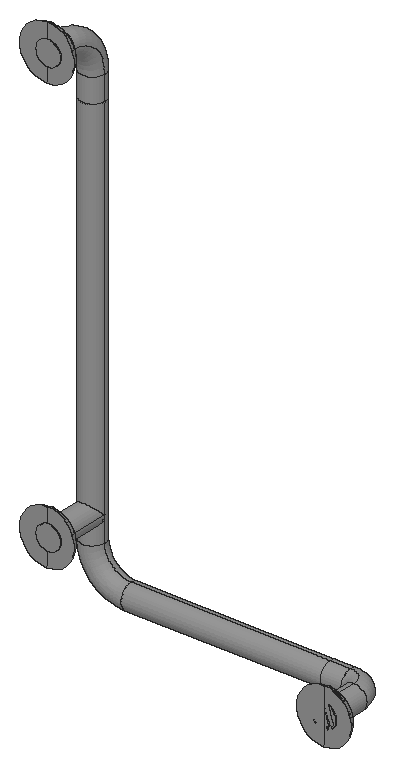
Revit family "706580001_Barra de Seguridad en L", category Plumbing Fixtures, host Wall, Revit 2020
Family settings
  Host = Wall
  Round Connector Dimension = Use Diameter
  Part Type = Normal
  OmniClass Number = 23.31.00.00
  OmniClass Title = Plumbing Specific Products and Equipment
  Always vertical = Yes
  Cut with Voids When Loaded = No
  Shared = No
  Room Calculation Point = No
Parameters (values of type "Type 1")
  Uso = "Doméstico e institucional"  # constant formula
  URL = "https://corona.co/productos/accesorios/barra-de-seguridad-en-l/p/706580001"
  Tipo de instalación = "Expuesto E.S."  # constant formula
  Sistema de Instalación = "Fácil instalación por medio de chazos\r\ny tornillos anclados a la pared que ofrecen gran seguridad."  # constant formula
  Resistencia = "Corrosión, pelado y decoloración por agua."  # constant formula
  Referencia = "706580001"  # constant formula
  Profundidad = 78.8 mm
  Model = ""
  Material = Corona_Acero inoxidable
  Manufacturer = ""
  Garantía = "1 Año"  # constant formula
  Fecha de creación = "8/04/2021"  # constant formula
  Escudo Metálico = "Material metálico, mayor durabilidad\r\ny excelentes propiedades mecánicas."  # constant formula
  Description = "Elemento de mobiliario para el apoyo, seguridad y protección\r\nde usuarios que acompaña la dirección de una circulación. "  # constant formula
  Type Comments = ""
  Default Elevation = 0 mm
  Cuidado Y Limpieza = "Para prolongar y preservar las cualidades del acero es vital que la limpieza profunda del producto se haga únicamente con agua y jabón suave y que en el secado y el brillo se utilice un paño de algodón limpio, dicha limpieza se recomienda 2 veces a la semana, y en zonas costeras a diario por la salinidad del ambiente. Por ningún motivo deben usarse elementos abrasivos, ácidos o disolventes para la limpieza del producto. (ácido muriático, ácido sulfúrico, yodo,\r\nderivados del cloro, amoniaco, blanqueadores.) Los acabados pueden variar su comportamiento en zonas costeras y/o en ambientes corrosivos. En referencias satinadas limpie en el sentido del pulido del acero."  # constant formula
  Creado por = "BIMBAU"  # constant formula
  Capacidad de Funcionamiento = "Soporta una carga hasta de 150 Kg."  # constant formula
  Ancho = 461 mm
  Alto = 710.2 mm
Reference planes
  plane 1 "Wall": y = 0
  plane 2 "Center (Left/Right)": x = 125
  plane 3 "Back": y = 75
  plane 4: x = -105.5
  plane 5: y = 153.8
  plane 6: z = 1194.397
  plane 7: z = 484.197
  plane 8: x = 355.5
  plane 9: x = 338.079
  plane 10: x = 303.079
Forms (mm)
  Sweep 1, solid, material "Corona_Acero inoxidable" <- "Material", detail levels medium+fine
    path origin (0, 153.8, 0) x (1, 0, 0) y (0, 0, 1)
      loop
        line (275.5, 484.197) -> (-9.561, 484.197)
        arc (-9.561, 484.197) -> (-48.452, 500.307) -> (-64.561, 539.197) r 55
        line (-64.561, 539.197) -> (-64.561, 1104.197)
    profile origin (132.969, 153.8, 484.197) x (0, 0, -1) y (0, -1, 0)
      loop
        circle (0, 0) r 17.5
  Sweep 2, solid, material "Corona_Acero inoxidable" <- "Material", detail levels medium+fine
    path origin (0, 0, 0) x (1, 0, 0) y (0, 1, 0)
      loop
        line (275.5, 153.8) -> (304.29, 153.8)
        arc (304.29, 153.8) -> (321.967, 146.478) -> (329.29, 128.8) r 25
        line (329.29, 128.8) -> (329.29, 75)
    profile origin (289.895, 153.8, 0) x (0, 1, 0) y (0, 0, 1)
      loop
        circle (0, 484.197) r 17.5
  Sweep 3, solid, material "Corona_Acero inoxidable" <- "Material", detail levels medium+fine
    path origin (125, 0, 0) x (0, 1, 0) y (0, 0, 1)
      loop
        line (153.8, 1104.197) -> (153.8, 1139.397)
        arc (153.8, 1139.397) -> (137.691, 1178.288) -> (98.8, 1194.397) r 55
        line (98.8, 1194.397) -> (75, 1194.397)
    profile origin (125, 153.8, 1121.797) x (0, -1, 0) y (1, 0, 0)
      loop
        circle (0, -189.561) r 17.5
  Extrusion 4, solid, material "Corona_Acero inoxidable" <- "Material", detail levels medium+fine
    sketch origin (0, 0, 0) x (1, 0, 0) y (0, 0, 1)
      loop
        circle (-64.561, 574.397) r 17.5
    from -153.8 to -75
  Revolve 5, solid, material "Corona_Acero inoxidable" <- "Material", detail levels medium+fine
    sketch origin (329.375, 0, 0) x (0, 1, 0) y (0, 0, 1)
      loop
        line (75, 484.197) -> (83.66, 484.197) -> (83.66, 517.168)
        arc (83.66, 517.168) -> (83.392, 518.168) -> (82.66, 518.9) r 2
        line (82.66, 518.9) -> (75, 523.322) -> (75, 484.197)
      axis (83.66, 484.197) -> (75, 484.197)
    angle from 0 to 360
  Revolve 6, solid, material "Corona_Acero inoxidable" <- "Material", detail levels medium+fine
    sketch origin (-66.25, 0, 90.2) x (0, 1, 0) y (0, 0, 1)
      loop
        line (75, 484.197) -> (83.66, 484.197) -> (83.66, 517.168)
        arc (83.66, 517.168) -> (83.392, 518.168) -> (82.66, 518.9) r 2
        line (82.66, 518.9) -> (75, 523.322) -> (75, 484.197)
      axis (83.66, 484.197) -> (75, 484.197)
    angle from 0 to 360
  Revolve 7, solid, material "Corona_Acero inoxidable" <- "Material", detail levels medium+fine
    sketch origin (-66.25, 0, 710.2) x (0, 1, 0) y (0, 0, 1)
      loop
        line (75, 484.197) -> (83.66, 484.197) -> (83.66, 517.168)
        arc (83.66, 517.168) -> (83.392, 518.168) -> (82.66, 518.9) r 2
        line (82.66, 518.9) -> (75, 523.322) -> (75, 484.197)
      axis (83.66, 484.197) -> (75, 484.197)
    angle from 0 to 360
  Extrusion 8, solid, material "Corona_Acero inoxidable" <- "Material", detail levels coarse
    sketch origin (0, 0, 0) x (1, 0, 0) y (0, 0, 1)
      loop
        line (430.115, 1241.625) -> (-105.5, 1241.625) -> (-105.5, 431.951) -> (430.115, 431.951) -> (430.115, 1241.625)
    from -75 to -186.76
Cuts and joins
  joined: Sweep 1, Sweep 2, Sweep 3
Lines and regions (mm)
  symbolic lines
    curve 1: arc (125, 171.297, 484.197) -> (125, 166.172, 471.826) -> (125, 153.8, 466.701) r 17.497
    curve 2: arc (-47.061, 0, 1194.397) -> (-64.561, 0, 1211.897) -> (-82.061, 0, 1194.397) r 17.5
    curve 3: arc (329.29, 0, 501.697) -> (346.79, 0, 484.197) -> (329.29, 0, 466.697) r 17.5
Text (mm)
  text "Placement Side" at (-1848.837, 1116.779, 0), in view "Ref. Level"
  text "Placement side" at (0, 1409.804, 2854.306), in view "Left"
  text "Placement side" at (0, 499.811, 2980.732), in view "Right"
Dimensions and locks
  locked: plane 3 "Back" to host wall
  "Profundidad": plane 3 "Back" to plane 5
  "Alto": plane 7 to plane 6
  equal spacing: plane 4, plane 2 "Center (Left/Right)", plane 8
  "Ancho": plane 4 to plane 8
  locked: plane 5 to host wall at 78.8
  aligned and locked: plane 1 "Wall" to host wall
  aligned and locked: plane 4 to nested 1
  aligned and locked: nested 2 to host wall
  aligned and locked: plane 5 to Extrusion 4
  aligned and locked: Sweep 1 sketch curve to cut or joined group of Sweep 1, Sweep 2, Sweep 3  (x2)
Automatic sketch dimensions
  Sweep 2 sketch curve to plane 5 = 0 mm
  plane 3 "Back" to Sweep 2 sketch curve = 0 mm
  plane 10 to Sweep 2 sketch curve = 1.21 mm
  Sweep 2 sketch curve to plane 9 = 8.79 mm
  Sweep 2 sketch curve to plane 10 = 27.579 mm
  Sweep 2 sketch curve to Sweep 2 sketch curve = 0 mm  (x2)
  Sweep 2 sketch curve to profile plane = 0 mm
  level to Sweep 2 sketch curve = 484.197 mm
  Sweep 2 sketch curve to Sweep 2 sketch curve = 17.5 mm
  Sweep 3 sketch curve to plane 3 "Back" = 0 mm
  Sweep 3 sketch curve to plane 6 = 0 mm
  Sweep 3 sketch curve to plane 5 = 0 mm
  Sweep 3 sketch curve to plane 3 "Back" = 23.8 mm
  Sweep 3 sketch curve to Sweep 3 sketch curve = 35.2 mm
  Sweep 3 sketch curve to Sweep 3 sketch curve = 0 mm  (x2)
  Sweep 3 sketch curve to profile plane = 0 mm
  Sweep 3 sketch curve to plane 2 "Center (Left/Right)" = 189.561 mm
  Sweep 3 sketch curve to Sweep 3 sketch curve = 17.5 mm
  Extrusion 4 sketch curve to plane 4 = 40.939 mm
  plane 7 to Extrusion 4 sketch curve = 90.2 mm
  Revolve 5 sketch curve to plane 7 = 0 mm  (x2)
  Revolve 5 sketch curve to host wall = 0 mm
  host wall to Revolve 5 sketch curve = 6.66 mm
  Revolve 5 sketch curve to Revolve 5 sketch curve = 1 mm  (x2)
  plane 7 to Revolve 5 sketch curve = 32.97 mm
  Revolve 5 sketch curve to Revolve 5 sketch curve = 4.423 mm
  Revolve 5 sketch curve to Revolve 5 sketch curve = 5.67 mm
  host wall to Revolve 5 sketch curve = 4.33 mm
  Revolve 6 sketch curve to host wall = 0 mm
  host wall to Revolve 6 sketch curve = 6.66 mm
  Revolve 6 sketch curve to Revolve 6 sketch curve = 1 mm  (x2)
  plane 7 to Revolve 6 sketch curve = 90.2 mm
  Revolve 6 sketch curve to Revolve 6 sketch curve = 32.97 mm
  Revolve 6 sketch curve to Revolve 6 sketch curve = 4.423 mm
  Revolve 6 sketch curve to host wall = 5.67 mm
  Revolve 6 sketch curve to Revolve 6 sketch curve = 4.33 mm
  Revolve 6 sketch curve to Revolve 6 sketch curve = 0 mm
  Revolve 7 sketch curve to plane 6 = 0 mm  (x2)
  Revolve 7 sketch curve to host wall = 0 mm
  host wall to Revolve 7 sketch curve = 6.66 mm
  Revolve 7 sketch curve to Revolve 7 sketch curve = 1 mm
  Revolve 7 sketch curve to Revolve 7 sketch curve = 2 mm
  plane 6 to Revolve 7 sketch curve = 32.97 mm
  Revolve 7 sketch curve to Revolve 7 sketch curve = 4.423 mm
  Revolve 7 sketch curve to host wall = 5.67 mm
  Revolve 7 sketch curve to Revolve 7 sketch curve = 4.33 mm
  curve 1 to plane 5 = 0 mm
  curve 1 to plane 7 = 0 mm
  curve 1 to curve 1 = 17.497 mm
  curve 2 to plane 6 = 0 mm
  curve 3 to plane 7 = 0 mm
  curve 2 to plane 4 = 40.939 mm
  curve 3 to plane 9 = 8.79 mm
  curve 2 to curve 2 = 17.5 mm
  curve 3 to curve 3 = 17.5 mm
  plane 4 to Extrusion 8 sketch curve = 0 mm
  plane 8 to Extrusion 8 sketch curve = 74.615 mm
  Extrusion 8 sketch curve to plane 7 = 52.247 mm
  plane 6 to Extrusion 8 sketch curve = 47.228 mm
  Sweep 1 sketch curve to Sweep 1 sketch curve = 55 mm
  Sweep 1 sketch curve to Sweep 1 sketch curve = 285.061 mm
  Sweep 1 sketch curve to Sweep 1 sketch curve = 565 mm
  radius of Extrusion 4 sketch curve = 17.5 mm
Nested families
  nested 1: "Frontal" at (-65.5, 0, 0) x (-1, 0, 0) z (0, -1, 0), type "Frontal"
  nested 2: "Lateral" at (125, 150.025, 0) x (0, 1, 0) z (1, 0, 0), type "Lateral"
Definition of nested family "Frontal"
  Reference planes
    plane 1 "Center (Front/Back)": y = 0
    plane 2: z = 0
    plane 3 "Center (Left/Right)": x = 0
  Lines and regions (mm)
    Masking region 1, in view "Ref. Level"
      outline origin (0, 0, 0) x (1, 0, 0) y (0, 1, 0)
        loop
          circle (0, 1193.206) r 40
        loop
          circle (0, 1193.447) r 20
    Masking region 2, in view "Ref. Level"
      outline origin (0, 0, 0) x (1, 0, 0) y (0, 1, 0)
        loop
          line (-20, 1193.447) -> (-20, 543.447)
          arc (-20, 543.447) -> (-31.716, 515.162) -> (-60, 503.447) r 40
          line (-60, 503.447) -> (-385, 503.447)
          arc (-385, 503.447) -> (-405, 483.447) -> (-385, 463.447) r 20
          line (-385, 463.447) -> (-67.313, 463.447)
          arc (-67.313, 463.447) -> (-5.573, 489.02) -> (20, 550.76) r 87.313
          line (20, 550.76) -> (20, 1193.447)
          arc (20, 1193.447) -> (0, 1213.447) -> (-20, 1193.447) r 20
    Masking region 3, in view "Ref. Level"
      outline origin (0, 0, 0) x (1, 0, 0) y (0, 1, 0)
        loop
          line (-350.359, 503.447) -> (-385, 503.447)
          arc (-385, 503.447) -> (-405, 483.447) -> (-385, 463.447) r 20
          line (-385, 463.447) -> (-350.359, 463.447)
          arc (-350.359, 463.447) -> (-425, 483.447) -> (-350.359, 503.447) r 40
    Masking region 4, in view "Ref. Level"
      outline origin (0, 0, 0) x (1, 0, 0) y (0, 1, 0)
        loop
          arc (-20, 607.911) -> (-40, 573.27) -> (-20, 538.629) r 40
          line (-20, 538.629) -> (-20, 607.911)
        loop
          arc (20, 538.629) -> (40, 573.27) -> (20, 607.911) r 40
          line (20, 607.911) -> (20, 538.629)
Definition of nested family "Lateral"
  Reference planes
    plane 1 "Center (Front/Back)": y = 0
    plane 2: z = 0
    plane 3 "Center (Left/Right)": x = 0
  Lines and regions (mm)
    Masking region 1, in view "Ref. Level"
      outline origin (0, 0, 0) x (1, 0, 0) y (0, 1, 0)
        loop
          line (-75.025, 1237.868) -> (-75.025, 1147.868) -> (-65.025, 1147.868) -> (-65.025, 1237.868) -> (-75.025, 1237.868)
        loop
          line (-75.025, 617.834) -> (-75.025, 527.834) -> (-65.025, 527.834) -> (-65.025, 617.834) -> (-75.025, 617.834)
        loop
          line (-75.025, 526.584) -> (-75.025, 436.584) -> (-65.025, 436.584) -> (-65.025, 526.584) -> (-75.025, 526.584)
    Masking region 2, in view "Ref. Level"
      outline origin (0, 0, 0) x (1, 0, 0) y (0, 1, 0)
        loop
          line (-65.025, 501.584) -> (-65.025, 461.584) -> (0, 461.584)
          arc (0, 461.584) -> (20, 481.584) -> (0, 501.584) r 20
          line (0, 501.584) -> (-65.025, 501.584)
    Masking region 3, in view "Ref. Level"
      outline origin (0, 0, 0) x (1, 0, 0) y (0, 1, 0)
        loop
          line (-65.025, 592.834) -> (-65.025, 552.834) -> (-20, 552.834) -> (-20, 592.834) -> (-65.025, 592.834)
    Masking region 4, in view "Ref. Level"
      outline origin (0, 0, 0) x (1, 0, 0) y (0, 1, 0)
        loop
          line (-20, 501.584) -> (0, 501.584)
          arc (0, 501.584) -> (14.142, 495.726) -> (20, 481.584) r 20
          line (20, 481.584) -> (20, 1136.584)
          arc (20, 1136.584) -> (-1.967, 1189.617) -> (-55, 1211.584) r 75
          line (-55, 1211.584) -> (-65.025, 1211.584) -> (-65.025, 1171.584) -> (-55, 1171.584)
          arc (-55, 1171.584) -> (-30.251, 1161.333) -> (-20, 1136.584) r 35
          line (-20, 1136.584) -> (-20, 501.584)
